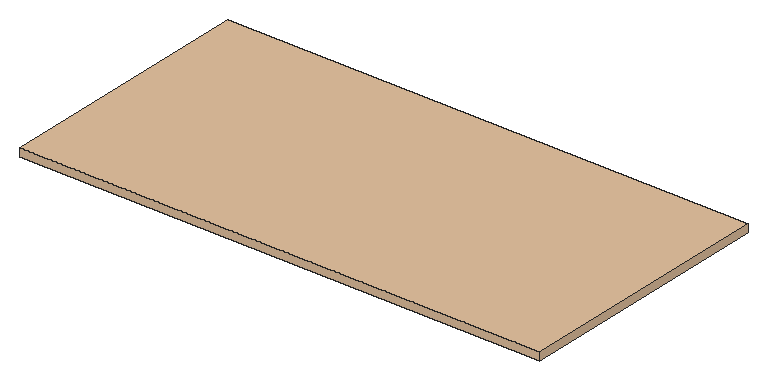
Revit family "Counter Top-Island (NZ)", category 케이스워크, Revit 2026
Family settings
  작업 기준면 기반 = 아니오
  항상 수직 = 예
  로드될 때 보이드를 사용하여 절단 = 아니오
  공유 = 예
  룸 계산 점 = 아니오
Parameters (values of type "1220mm Depth")
  기본 높이 = 0 mm
  Counter Thickness = 40 mm
  Counter Top Material = none
  Depth [instance] = 1250 mm
  Height [instance] = 900 mm
  Length [instance] = 2500 mm
Reference planes
  plane 1 "Back": y = 0
  plane 2: z = 0
  plane 3 "Left": x = -1200.462
  plane 4 "Right": x = 1299.538
  plane 5 "Front": y = -1224.6
  plane 6 "Top": z = 900
  plane 7: z = 860
  plane 8: y = 25.4
  plane 9: y = -1199.2
Forms (mm)
  Extrusion 1, solid, material <- "Counter Top Material"
    sketch origin (0, 0, 0) x (1, 0, 0) y (0, 1, 0)
      loop
        line (-1200.462, 25.4) -> (-1200.462, -1224.6) -> (1299.538, -1224.6) -> (1299.538, 25.4) -> (-1200.462, 25.4)
    from 860 to 900
Lines and regions (mm)
  Masking region 1
    outline origin (0, 0, 0) x (1, 0, 0) y (0, 1, 0)
      loop
        line (-1200.462, -1224.6) -> (1299.538, -1224.6) -> (1299.538, 25.4) -> (-1200.462, 25.4) -> (-1200.462, -1224.6)
Dimensions and locks
  "Length": plane 3 "Left" to plane 4 "Right"
  "Height": level to plane 6 "Top"
  "Counter Thickness": plane 7 to plane 6 "Top"
  "Depth": plane 5 "Front" to plane 8
  locked: plane 1 "Back" to plane 8 at 25.4
  locked: plane 5 "Front" to plane 9 at 25.4
  aligned and locked: plane 4 "Right" to Extrusion 1 sketch curve
  aligned and locked: Extrusion 1 sketch curve to plane 3 "Left"
  aligned and locked: Extrusion 1 to plane 6 "Top"
  aligned and locked: plane 7 to Extrusion 1
  aligned and locked: plane 8 to Extrusion 1 sketch curve
  aligned and locked: Extrusion 1 sketch curve to plane 5 "Front"
Automatic sketch dimensions
  Masking region 1 sketch curve to plane 3 "Left" = 0 mm
  Masking region 1 sketch curve to plane 4 "Right" = 0 mm
  Masking region 1 sketch curve to plane 5 "Front" = 0 mm
  Masking region 1 sketch curve to plane 8 = 0 mm
